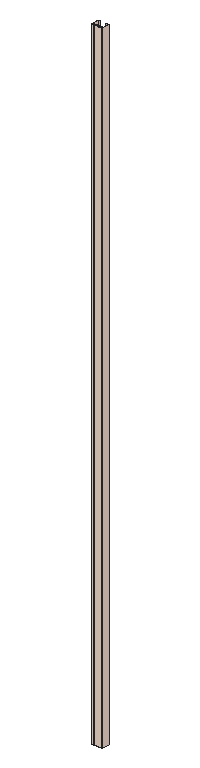
Revit family "WS-65", category 機械設備, Revit 2020
Family settings
  丸型コネクタ寸法 = 直径を使用
  種別 = なし
  パーツ タイプ = 標準
  作業面ベース = いいえ
  常に垂直 = はい
  ロード時にボイドで切り取り = いいえ
  共有 = いいえ
  部屋計算ポイント = いいえ
Parameters
  製造元 = "株式会社桐井製作所"
  既定の高さ = 0 mm
  URL = "https://www.kirii.co.jp/"
  K_長さ(mm) [instance] = 4001 mm
  K_材質 = "SGCCまたはSGHC　一般用"
  K_断面積A(mm2) = 140
  K_断面係数Zy(mm3) = 1497
  K_断面係数Zx(mm3) = 3135
  K_断面2次半径iy(mm) = 17.1
  K_断面2次半径ix(mm) = 27
  K_断面2次モーメントIy(mm4) = 41140
  K_断面2次モーメントIx(mm4) = 101900
  K_外形寸法(mm) = "65×45×0.8"
  K_品名 = "WS-65"
  K_名称 = "スタッド"
  K_単位質量(kg/m) = 1.131
  K_ヤング係数E(N/mm2) = 205000
  K_バージョン情報 = "20210524"
  K_めっき付着量 = "Z12"
  K_JIS規格 = "JIS G 3302"
  K_JIS外 [instance] = not(K_JIS)  # yes
  K_JIS [instance] = [K_長さ(mm)] < 4001 mm  # no
Reference planes
  plane 1 "中心(正面/背面)": y = 0
  plane 2: z = 0
  plane 3 "中心(左/右)": x = 0
  plane 4: z = 4001
  plane 5: y = 45
  plane 6: x = -32.5
  plane 7: x = 32.501
Forms (mm)
  Extrusion 1, solid
    sketch origin (0, 0, 0) x (0, 1, 0) y (-1, 0, 0)
      loop
        line (0.8, -24.832) -> (1.8, -23.832) -> (1.8, 23.832) -> (0.8, 24.832) -> (0.8, 31.7) -> (44.2, 31.7) -> (44.2, 22.264) -> (40.396, 22.264) -> (40.396, 21.464) -> (45, 21.464) -> (45, 32.5) -> (0, 32.5) -> (0, 24.5) -> (1, 23.5) -> (1, -23.5) -> (0, -24.5) -> (0, -32.5) -> (45, -32.5) -> (45, -21.464) -> (40.396, -21.464) -> (40.396, -22.264) -> (44.2, -22.264) -> (44.2, -31.7) -> (0.8, -31.7) -> (0.8, -24.832)
    from 0 to 4001
Dimensions and locks
  "K_長さ(mm)": plane 4 to plane 2
  aligned and locked: level to plane 2
  aligned and locked: plane 4 to Extrusion 1
Automatic sketch dimensions
  plane 1 "中心(正面/背面)" to Extrusion 1 sketch curve = 0 mm  (x2)
  Extrusion 1 sketch curve to plane 1 "中心(正面/背面)" = 0.8 mm  (x2)
  Extrusion 1 sketch curve to plane 1 "中心(正面/背面)" = 1 mm
  Extrusion 1 sketch curve to Extrusion 1 sketch curve = 0.8 mm  (x5)
  Extrusion 1 sketch curve to Extrusion 1 sketch curve = 38.596 mm  (x2)
  Extrusion 1 sketch curve to Extrusion 1 sketch curve = 3.804 mm  (x2)
  plane 3 "中心(左/右)" to Extrusion 1 sketch curve = 32.501 mm
  Extrusion 1 sketch curve to Extrusion 1 sketch curve = 6.868 mm  (x2)
  Extrusion 1 sketch curve to Extrusion 1 sketch curve = 0.331 mm  (x4)
  Extrusion 1 sketch curve to Extrusion 1 sketch curve = 1 mm  (x2)
  Extrusion 1 sketch curve to Extrusion 1 sketch curve = 9.436 mm
  Extrusion 1 sketch curve to plane 3 "中心(左/右)" = 21.463 mm
  Extrusion 1 sketch curve to plane 3 "中心(左/右)" = 23.5 mm
  Extrusion 1 sketch curve to plane 5 = 0 mm  (x2)
